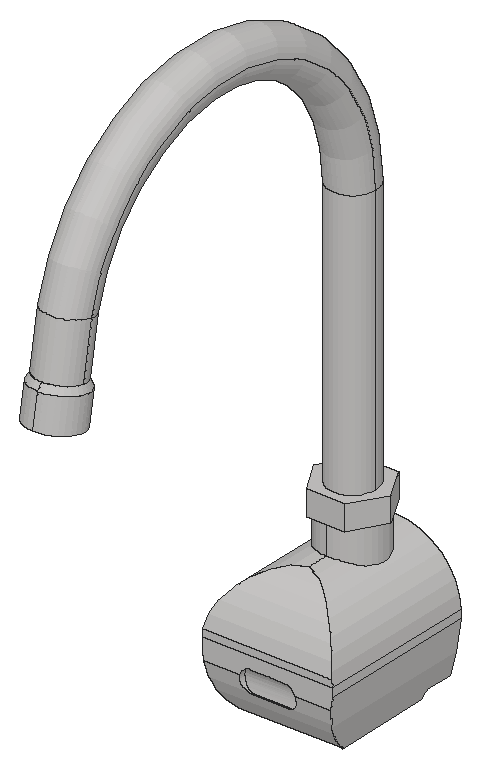
Revit family "16-191L", category Specialty Equipment, Revit 2018
Family settings
  Round Connector Dimension = Use Diameter
  Part Type = Normal
  OmniClass Number = 23.45.05.14
  OmniClass Title = Plumbing Fixtures - Sanitary Washing Units
  Work Plane-Based = No
  Always vertical = Yes
  Cut with Voids When Loaded = No
  Shared = No
  Room Calculation Point = No
Parameters
  URL Cutsheet = ""
  Serial Number = ""
  Plumbing Remarks = ""
  Plumbing Connection Type = ""
  Model = "16-191L"
  Masterspec = ""
  Manufacturer = "Krowne Metal"
  Item Number = ""
  Inlet Size = 1/2"
  Hot Water Size = 1/2"
  Hot Water RI Height = 0"
  Hot Water Flow = 2.2 GPM
  Hot Water Connection Height = 0"
  Foodservice Equipment Identifier = yes
  Description = "Single Hole Wall Mount with 6\" Wide Gooseneck Spout"
  Cold Water Size = 1/2"
  Cold Water RI Height = 0"
  Cold Water Flow = 2.2 GPM
  Cold Water Connection Height = 0"
  Assembly Code = "D2010400"
Reference planes (in)
  plane 1 "Center (Front/Back)": y = 0
  plane 2: z = 0
  plane 3 "Center (Left/Right)": x = 0
  plane 4: y = 8.24616
  plane 5: z = 11
  plane 6: y = -2.7381
  plane 7: y = -0.05109
  plane 8: y = -9.4881
  plane 9: z = 6.75
  plane 10: y = -8.70069
  plane 11: through (480, -0.9579, 6.94564) normal (0, -0.1736, -0.9848)
  plane 12: through (480, -9.03724, 8.08355) normal (0, 0.9848, -0.1736)
Forms (in)
  Extrusion 1, solid, material "Metal_Finishes_Stainless Steel"
    sketch origin (0, 0, 0) x (0, 1, 0) y (0, 0, 1)
      loop
        line (-2.7381, 0) -> (-0.05109, 0) -> (-0.05109, 1.20089) -> (-2.7381, 1.20089) -> (-2.7381, 0)
    from -1.08719 to 1.09162
  Extrusion 2, solid, material "Metal_Finishes_Stainless Steel"
    sketch origin (0, 0, 1.28946) x (0, 1, 0) y (0, 0, 1)
      loop
        line (-2.7381, -0.08857) -> (-0.05109, -0.08857) -> (-0.05109, 0.96897) -> (-2.7381, 0.96897) -> (-2.7381, -0.08857)
    from -1.08719 to 1.09162
  Extrusion 3, void
    sketch origin (0, 0, 0) x (1, 0, 0) y (0, 0, 1)
      loop
        line (-1.10165, 1.18572) -> (-1.10165, 0) -> (-0.87117, 0)
        arc (-0.87117, 0) -> (-1.02443, 0.58547) -> (-1.10165, 1.18572) r 4.72766
      loop
        arc (1.10165, 1.18572) -> (1.02443, 0.58547) -> (0.87117, 0) r 4.72766
        line (0.87117, 0) -> (1.10165, 0) -> (1.10165, 1.18572)
    from 0 to 2.93413
  Extrusion 4, void
    sketch origin (0, 0, 0) x (1, 0, 0) y (0, 0, 1)
      loop
        arc (-1.08719, 1.20089) -> (-0.76642, 1.95658) -> (0, 2.25078) r 1.05053
        arc (0, 2.25078) -> (0.75835, 1.94682) -> (1.09162, 1.20089) r 1.08851
        line (1.09162, 1.20089) -> (1.09162, 2.28304) -> (-1.08719, 2.28304) -> (-1.08719, 1.20089)
    from 0 to 2.7381
  Extrusion 5, void
    sketch origin (0, 0, 0) x (0, 1, 0) y (0, 0, 1)
      loop
        line (-1.57438, 2.29955) -> (-2.94885, 2.29955) -> (-2.94885, -0.06265) -> (-2.16145, -0.06265)
        arc (-2.16145, -0.06265) -> (-2.54652, 0.33055) -> (-2.7381, 0.84649) r 1.32183
        line (-2.7381, 0.84649) -> (-2.7381, 1.32021)
        arc (-2.7381, 1.32021) -> (-2.32524, 2.0107) -> (-1.57438, 2.29955) r 1.23295
    from -1.68293 to 9.84252
  Extrusion 6, void
    sketch origin (0, 0, 0) x (0, 1, 0) y (0, 0, 1)
      loop
        line (-0.02303, 0.14066) -> (-0.5138, 0.14066)
        arc (-0.5138, 0.14066) -> (-0.58334, 0.08583) -> (-0.60515, 0) r 0.13779
        line (-0.60515, 0) -> (-0.60515, -0.04154) -> (-0.02303, -0.04154) -> (-0.02303, 0.14066)
    from -1.33387 to 1.36534
  Extrusion 7, solid, material "Metal_Finishes_Stainless Steel"
    sketch origin (0, 0, 0) x (1, 0, 0) y (0, 0, 1)
      loop
        arc (0.3937, 0.20434) -> (0.63851, 0.70363) -> (0.72269, 1.2533) r 1.83678
        arc (0.72269, 1.2533) -> (0.51102, 1.76432) -> (0, 1.97599) r 0.72269
        arc (0, 1.97599) -> (-0.51102, 1.76432) -> (-0.72269, 1.2533) r 0.72269
        arc (-0.72269, 1.2533) -> (-0.63851, 0.70363) -> (-0.3937, 0.20434) r 1.83678
        line (-0.3937, 0.20434) -> (0, 0.20434) -> (0.3937, 0.20434)
    from 0 to 0.05109
  Extrusion 8, void
    sketch origin (0, 0, -0.05536) x (1, 0, 0) y (0, 0, 1)
      loop
        arc (-0.35196, 1.03276) -> (-0.47757, 0.82796) -> (-0.3373, 0.63291) r 0.21695
        line (-0.3373, 0.63291) -> (0.3373, 0.63291)
        arc (0.3373, 0.63291) -> (0.47757, 0.82796) -> (0.35196, 1.03276) r 0.21695
        line (0.35196, 1.03276) -> (-0.35196, 1.03276)
    from 2.58964 to 3.02403
  Extrusion 9, solid, material "Metal_Finishes_Stainless Steel"
    sketch origin (0, 0, 0) x (0, 1, 0) y (0, 0, 1)
      loop
        line (-2.58964, 0.97739) -> (-2.7361, 0.97739)
        spline (-2.7361, 0.97739) -> (-2.70472, 0.95045) -> (-2.68115, 0.92674) -> (-2.66383, 0.90498) -> (-2.6512, 0.88386) -> (-2.64169, 0.86208) -> (-2.63386, 0.83835) -> (-2.62756, 0.81129) -> (-2.62334, 0.77953) -> (-2.62176, 0.74166) -> (-2.62338, 0.6963) -> (-2.62875, 0.64206) -> (-2.63844, 0.57754)
        line (-2.63844, 0.57754) -> (-2.58964, 0.57754) -> (-2.58964, 0.97739)
    from -0.49407 to 0.51811
  Revolve 10, solid, material "Metal_Finishes_Stainless Steel"
    sketch origin (0, 0, 0) x (0, 1, 0) y (0, 0, 1)
      loop
        line (-0.9579, 2.73877) -> (-0.9579, 2.39022) -> (-0.9579, 1.95653) -> (-0.42735, 1.95653) -> (-0.42735, 2.73877) -> (-0.9579, 2.73877)
      axis (-0.9579, 2.73877) -> (-0.9579, 1.95653)
    angle from 0 to 360
  Extrusion 11, solid, material "Metal_Finishes_Stainless Steel"
    sketch origin (0, 0, 0) x (1, 0, 0) y (0, 1, 0)
      loop
        line (-0.32373, -0.39719) -> (-0.64745, -0.9579) -> (-0.32373, -1.51862) -> (0.32373, -1.51862) -> (0.64745, -0.9579) -> (0.32373, -0.39719) -> (-0.32373, -0.39719)
    from 2.73877 to 3.15333
  Revolve 12, solid, material "Metal_Finishes_Stainless Steel"
    sketch origin (0, 2.05565, -0.07578) x (0, 1, 0) y (0, 0, 1)
      loop
        line (-9.13979, 7.50197) -> (-9.25814, 6.83078) -> (-8.80835, 6.75147) -> (-8.71135, 7.30159) -> (-8.74926, 7.43311) -> (-9.13979, 7.50197)
      axis (-9.13979, 7.50197) -> (-9.25814, 6.83078)
    angle from 0 to 360
  Sweep 13, solid, material "Metal_Finishes_Stainless Steel"
    path origin (0, 0, 0) x (0, 1, 0) y (0, 0, 1)
      loop
        line (-0.9579, 3.15333) -> (-0.9579, 7.65333)
        arc (-0.9579, 7.65333) -> (-3.6311, 10.65538) -> (-6.92181, 8.34681) r 3.02227
        line (-6.92181, 8.34681) -> (-7.08414, 7.42619)
    profile origin (0, -0.9579, 5.40333) x (0, -1, 0) y (1, 0, 0)
      loop
        circle (0, 0) r 0.3937
Cuts and joins
  Extrusion 3, Extrusion 5, Extrusion 6, Extrusion 8 cuts Extrusion 1
  joined: Extrusion 1, Extrusion 9
  Extrusion 4, Extrusion 5 cuts Extrusion 2
  joined: Extrusion 2, Revolve 10
  Extrusion 8 cuts Extrusion 7
Dimensions and locks (in)
  plane 5 to plane 2 = 11"
  plane 6 to plane 7 = 2.68701"
  plane 4 to plane 6 = 10.98425"
  plane 8 to plane 6 = 6 3/4"
  plane 9 to plane 2 = 6 3/4"
  aligned and locked: level to plane 2
Connectors (in)
  piping at (0, 0, 0.84927), diameter 0.5, driven by "Inlet Size"
    settings: on cut or joined group of Extrusion 7, Extrusion 8, index 1, connector inside diameter 24", connector length 0", flow factor 0, pipe flow 0 GPM, pressure drop 0.00 psi, fitting loss kfactor 0, connector angle 0.00°, fixture units 0, engagement length 0", angle of deflection 0.00°, flow configuration 0, flow direction 1, fitting loss method 0, system type 20, joint type 0, gender type 0, connector reference index -1, connector utility 0, adjustable connector no, is connector primary yes, connector description ""
